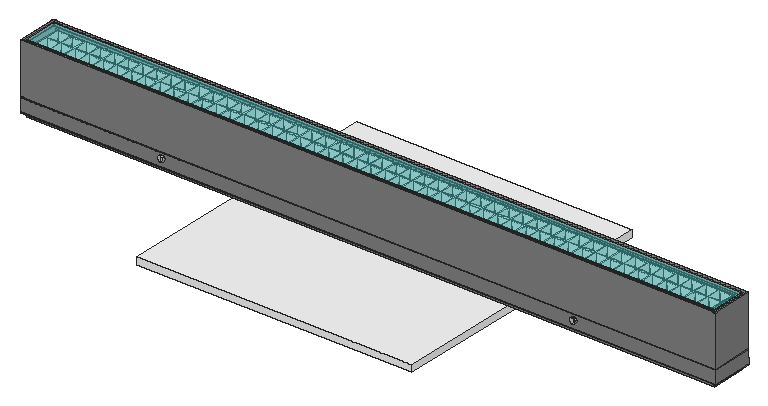
Revit family "BE_24310_de_DE", category Leuchten, Revit 2015
Parameters (values of type "BEGA_24310_Grafit_K4")
  built-in parameter 1150104 = 16.606 (stored number, unit not read)
  Wattage = 32 W
  Default Elevation = 0 mm
  built-in parameter 1150113 = 1 (stored number, unit not read)
  built-in parameter 1114218 = 1 (stored number, unit not read)
  Umgebungstemperatur = "25 °C"
  URL = "http://www.bega.de/produkt/24310"
  Typenkommentare = "© 2017 BEGA. Wir behalten uns das Recht vor, technische Änderungen ohne vorherige Ankündigung vorzunehmen."  # constant formula
  Type Image = 24310.png
  built-in parameter 1150134 = 12
  built-in parameter 1150109 = 1 (stored number, unit not read)
  Strom = ""
  built-in parameter 1150110 = 1 (stored number, unit not read)
  Spannung = 239.996 V
  Sonderanfertigung = no
  Seriennummer [instance] = "Hier können Sie die eindeutige Seriennummer für das Facility Management eintragen."
  Schutzklasse = "I"
  Schutzart = "IP 65"
  Scheinlast = 0 VA
  Produktdatenblatt = "http://www.bega.de/download/Xrfa/db/24310.db.de.pdf"
  Oberflächentemperatur = ""
  Neigungswinkel = 0.00°
  Modell = "24310K4"
  Material_17 = BEGA_Reflektor
  Material_15 = BEGA_Leuchtmedium_matt
  Material_11 = BEGA_Glas_opal
  Material_09 = BEGA_Glas_klar
  Material_06 = BEGA_Oberfläche_Edelstahl_gebürstet
  Material_05 = BEGA_Oberfläche_Aluminium Guss
  Material_03 = BEGA_Oberfläche_Weiss_matt
  Material_02 = BEGA_Oberfläche_Silber_matt
  Material_01 [instance] = BEGA_Oberfläche_Grafit_matt
  M_W = no
  M_G = yes
  M_A = no
  Logo = 0
  built-in parameter 1114217 = 1 (stored number, unit not read)
  built-in parameter 1150139 = (empty or 0)
  built-in parameter 1150105 = 455.18 (stored number, unit not read)
  built-in parameter 1150114 = 1 (stored number, unit not read)
  Lumens = 5720 lm
  built-in parameter 1150115 = 1 (stored number, unit not read)
  Leuchtenlichtstrom = "3267 lm"
  Leuchtenanzahl = ""
  Lebensdauerkriterien = "L70B50 @ 25 °C = 500000 h"
  Lastklassifizierung = Beleuchtung
  built-in parameter 1150112 = 1 (stored number, unit not read)
  Lampenlichtstrom = "5720 lm"
  Lampe = "LED 32 W"
  LED_Modulbezeichnung = "LED-0772/840"
  built-in parameter 1150142 = (empty or 0)
  Hersteller = "BEGA"  # constant formula
  Halbstreuwinkel = ""
  Gewicht = ""
  Gebrauchslageneinschränkung [instance] = ""
  Frequenz = "0/50-60 Hz"
  Farbwiedergabeindex = "Ra > 80"
  Farbtemperaturverschiebung bei Dämpfen der Lampe = <Keine Auswahl>
  Farbtemperatur = "4000 K"
  Color Filter = 16777215
  built-in parameter 1150133 = 10 (stored number, unit not read)
  Energieeffizienzklasse = "LED A++ - A"
  built-in parameter 1150137 = (empty or 0)
  built-in parameter 1150132 = (empty or 0)
  ENEC = ""
  Dimmbar [instance] = "DALI"
  Datei für fotometrisches Netz = "BE_24310K4.IES"
  CE_Konformität = "ja"
  Bestellnummer = "24310K4"
  Beschreibung_Sonderanfertigung = "Hier können Sie Informationen zur Sonderanfertigung eintragen."
  Beschreibung = "Deckenaufbau-Tiefstrahler"
  built-in parameter 1150106 = 4.5518 (stored number, unit not read)
  Befestigungsbohrung = "Ø 7 mm"
  Befestigungsabstand = "800 mm"
  Ballwurfsicher = ""
  BEGA_Intern_aus = yes
  BEGA_Intern_an = yes
  BEGA_Intern_Konstruktion = yes
  BEGA_Intern = yes
  BEGA_IES = yes
  BEGA_Dummy = no
  Anschlussleitung = ""
  Anschlussleistung [instance] = "36 W"
  Anschlusskasten = ""
  built-in parameter 1150107 = 4000 (stored number, unit not read)
  built-in parameter 1150102 = (empty or 0)
  built-in parameter 1150138 = (empty or 0)
  Aktualisierung = "2017-06-23T04:08:42"
  Abstand_zur_angestrahlten_Fläche [instance] = ""
  AC/DC = "AC/DC"
Types (2, lengths in mm): name | built-in parameter 1150104 | built-in parameter 1150134 | Modell | built-in parameter 1150105 | Lumens | Leuchtenlichtstrom | Lampenlichtstrom | LED_Modulbezeichnung | Farbtemperatur | Datei für fotometrisches Netz | Bestellnummer | built-in parameter 1150106 | built-in parameter 1150107
  BEGA_24310_Grafit_K4 | 16.606 (stored number, unit not read) | 12 | "24310K4" | 455.18 (stored number, unit not read) | 5720 lm | "3267 lm" | "5720 lm" | "LED-0772/840" | "4000 K" | "BE_24310K4.IES" | "24310K4" | 4.5518 (stored number, unit not read) | 4000 (stored number, unit not read)
  BEGA_24310_Grafit_K3 | 16.258 (stored number, unit not read) | (empty or 0) | "24310" | 445.63 (stored number, unit not read) | 5600 lm | "3198 lm" | "5600 lm" | "LED-0772/830" | "3000 K" | "BE_24310.IES" | "24310" | 4.4563 (stored number, unit not read) | 3000 (stored number, unit not read)
Reference planes
  plane 1 "Mitte (Vorne/Hinten)": y = 0
  plane 2: z = 0
  plane 3 "Mitte (Links/Rechts)": x = 0
  plane 4 "Links": x = -506
  plane 5 "Rechts": x = 506
  plane 6 "Unten": y = -30
  plane 7 "Oben": y = 30
  plane 8 "Vorne": z = 101
  plane 9 "Hinten": z = 0
Forms (mm)
  Extrusion 1, solid, material "BEGA_Platte_Weiss"
    sketch origin (0, -1119.2, 0) x (1, 0, 0) y (0, 1, 0)
      loop
        line (-200, 1319.2) -> (-200, 919.2) -> (200, 919.2) -> (200, 1319.2) -> (-200, 1319.2)
    from 0 to -10
  Extrusion 2, solid, material "BEGA_Dummy_matt", visible <- "BEGA_Dummy"
    sketch origin (80.095, -76.023, 0) x (1, 0, 0) y (0, 1, 0)
      loop
        line (-586.095, 106.023) -> (-586.095, 46.023) -> (425.905, 46.023) -> (425.905, 106.023) -> (-586.095, 106.023)
    from 0 to 25.379
Dimensions and locks
  plane 1 "Mitte (Vorne/Hinten)" to Extrusion 1 = 200 mm
  aligned and locked: plane 2 to Extrusion 1
  aligned and locked: level to Extrusion 1
Nested families
  nested 1: "BE_24310" at (0, 0, 0) x (-1, 0, 0) z (0, 0, 1), type "BE_24310"
Connectors
  electrical at (0, 0, 0), driven by "Lastklassifizierung", driven by "Spannung", driven by "Scheinlast"
    settings: index 1, voltage 239.996 V, apparent load 0 VA, apparent load phase1 0 VA, apparent load phase2 0 VA, apparent load phase3 0 VA, power factor 1, load classification "Beleuchtung", number of poles 1, system type 31, power factor state 1, is connector primary yes, connector utility no, sub classification motor no, connector description ""
Definition of nested family "BE_24310"
  Parameters (values of type "BE_24310")
    Default Elevation = 1 mm
    URL = "http://www.bega.de/de/produkt"
    Type Comments = "© 2015 BEGA. Wir behalten uns das Recht vor, technische Änderungen ohne vorherige Ankündigung vorzunehmen. "  # constant formula
    Type Image = (empty or 0)
    Neigungswinkel_um_Z2 = 0.00°
    Neigungswinkel_um_Z1 = 0.00°
    Neigungswinkel_um_Y2 = 0.00°
    Neigungswinkel_um_Y1 = 0.00°
    Neigungswinkel_um_X2 = 0.00°
    Neigungswinkel_um_X1 = 0.00°
    Material_17 = none
    Material_15 = none
    Material_11 = none
    Material_09 = none
    Material_06 = none
    Material_05 = none
    Material_03 = none
    Material_02 = none
    Material_01 = none
    M_W = yes
    M_G = yes
    M_A = yes
    Länge_Platte = 1200 mm  # constant formula
    Höhe_Platte = -10 mm  # constant formula
    Manufacturer = "BEGA"  # constant formula
    Drehwinkel_um_Z2 = 0.00°
    Drehwinkel_um_Z1 = 0.00°
    Breite_Platte = 200 mm  # constant formula
  Reference planes
    plane 1 "Mitte (Oben/Unten)": y = 0
    plane 2: z = 0
    plane 3 "Mitte (Links/Rechts)": x = 0
    plane 4: z = 101
    plane 5: y = 30
    plane 6: y = -30
    plane 7: x = -506
    plane 8: x = 506
  Forms (mm)
    Extrusion 1, solid, detail levels medium
      sketch origin (0, 0, 0) x (1, 0, 0) y (0, 1, 0)
        loop
          line (-600, 100) -> (-600, -100) -> (600, -100) -> (600, 100) -> (-600, 100)
      from 0 to -10 <- "Höhe_Platte"
    Extrusion 2, solid, material <- "Material_17", detail levels medium+fine
      sketch origin (0, 0, 0) x (1, 0, 0) y (0, 0, 1)
        loop
          line (-245.223, 94.045) -> (-238.903, 68.352) -> (-238.903, 70.445) -> (-245.2, 96.045) -> (-246.8, 96.045) -> (-253.097, 70.445) -> (-253.097, 68.352) -> (-246.777, 94.045) -> (-245.223, 94.045)
        loop
          line (-232.297, 68.352) -> (-225.977, 94.045) -> (-225.023, 94.045) -> (-218.703, 68.352) -> (-218.703, 70.445) -> (-225, 96.045) -> (-226, 96.045) -> (-232.297, 70.445) -> (-232.297, 68.352)
        loop
          line (-205.8, 96.045) -> (-212.097, 70.445) -> (-212.097, 68.352) -> (-205.777, 94.045) -> (-204.223, 94.045) -> (-197.903, 68.352) -> (-197.903, 70.445) -> (-204.2, 96.045) -> (-205.8, 96.045)
        loop
          line (-185, 96.045) -> (-191.297, 70.445) -> (-191.297, 68.352) -> (-184.977, 94.045) -> (-184.023, 94.045) -> (-177.703, 68.352) -> (-177.703, 70.445) -> (-184, 96.045) -> (-185, 96.045)
        loop
          line (-163.2, 96.045) -> (-164.8, 96.045) -> (-171.097, 70.445) -> (-171.097, 68.352) -> (-164.777, 94.045) -> (-163.223, 94.045) -> (-156.903, 68.352) -> (-156.903, 70.445) -> (-163.2, 96.045)
        loop
          line (-144, 96.045) -> (-150.297, 70.445) -> (-150.297, 68.352) -> (-143.977, 94.045) -> (-143.023, 94.045) -> (-136.703, 68.352) -> (-136.703, 70.445) -> (-143, 96.045) -> (-144, 96.045)
        loop
          line (-123.777, 94.045) -> (-122.223, 94.045) -> (-115.903, 68.352) -> (-115.903, 70.445) -> (-122.2, 96.045) -> (-123.8, 96.045) -> (-130.097, 70.445) -> (-130.097, 68.352) -> (-123.777, 94.045)
        loop
          line (-102, 96.045) -> (-103, 96.045) -> (-109.297, 70.445) -> (-109.297, 68.352) -> (-102.977, 94.045) -> (-102.023, 94.045) -> (-95.703, 68.352) -> (-95.703, 70.445) -> (-102, 96.045)
        loop
          line (-89.097, 68.352) -> (-82.777, 94.045) -> (-81.223, 94.045) -> (-74.903, 68.352) -> (-74.903, 70.445) -> (-81.2, 96.045) -> (-82.8, 96.045) -> (-89.097, 70.445) -> (-89.097, 68.352)
        loop
          line (-68.297, 68.352) -> (-61.977, 94.045) -> (-61.023, 94.045) -> (-54.703, 68.352) -> (-54.703, 70.445) -> (-61, 96.045) -> (-62, 96.045) -> (-68.297, 70.445) -> (-68.297, 68.352)
        loop
          line (-41.8, 96.045) -> (-48.097, 70.445) -> (-48.097, 68.352) -> (-41.777, 94.045) -> (-40.223, 94.045) -> (-33.903, 68.352) -> (-33.903, 70.445) -> (-40.2, 96.045) -> (-41.8, 96.045)
        loop
          line (-20.977, 94.045) -> (-20.023, 94.045) -> (-13.703, 68.352) -> (-13.703, 70.445) -> (-20, 96.045) -> (-21, 96.045) -> (-27.297, 70.445) -> (-27.297, 68.352) -> (-20.977, 94.045)
        loop
          line (0.8, 96.045) -> (-0.8, 96.045) -> (-7.097, 70.445) -> (-7.097, 68.352) -> (-0.777, 94.045) -> (0.777, 94.045) -> (7.097, 68.352) -> (7.097, 70.445) -> (0.8, 96.045)
        loop
          line (-492.5, 95.215) -> (-491.511, 95.215) -> (-484.903, 68.352) -> (-484.903, 70.445) -> (-491.2, 96.045) -> (-492.5, 96.045) -> (-492.5, 95.215)
        loop
          line (-286.223, 94.045) -> (-279.903, 68.352) -> (-279.903, 70.445) -> (-286.2, 96.045) -> (-287.8, 96.045) -> (-294.097, 70.445) -> (-294.097, 68.352) -> (-287.777, 94.045) -> (-286.223, 94.045)
        loop
          line (-273.297, 68.352) -> (-266.977, 94.045) -> (-266.023, 94.045) -> (-259.703, 68.352) -> (-259.703, 70.445) -> (-266, 96.045) -> (-267, 96.045) -> (-273.297, 70.445) -> (-273.297, 68.352)
        loop
          line (-327.223, 94.045) -> (-320.903, 68.352) -> (-320.903, 70.445) -> (-327.2, 96.045) -> (-328.8, 96.045) -> (-335.097, 70.445) -> (-335.097, 68.352) -> (-328.777, 94.045) -> (-327.223, 94.045)
        loop
          line (-314.297, 68.352) -> (-307.977, 94.045) -> (-307.023, 94.045) -> (-300.703, 68.352) -> (-300.703, 70.445) -> (-307, 96.045) -> (-308, 96.045) -> (-314.297, 70.445) -> (-314.297, 68.352)
        loop
          line (-368.223, 94.045) -> (-361.903, 68.352) -> (-361.903, 70.445) -> (-368.2, 96.045) -> (-369.8, 96.045) -> (-376.097, 70.445) -> (-376.097, 68.352) -> (-369.777, 94.045) -> (-368.223, 94.045)
        loop
          line (-355.297, 68.352) -> (-348.977, 94.045) -> (-348.023, 94.045) -> (-341.703, 68.352) -> (-341.703, 70.445) -> (-348, 96.045) -> (-349, 96.045) -> (-355.297, 70.445) -> (-355.297, 68.352)
        loop
          line (-409.223, 94.045) -> (-402.903, 68.352) -> (-402.903, 70.445) -> (-409.2, 96.045) -> (-410.8, 96.045) -> (-417.097, 70.445) -> (-417.097, 68.352) -> (-410.777, 94.045) -> (-409.223, 94.045)
        loop
          line (-396.297, 68.352) -> (-389.977, 94.045) -> (-389.023, 94.045) -> (-382.703, 68.352) -> (-382.703, 70.445) -> (-389, 96.045) -> (-390, 96.045) -> (-396.297, 70.445) -> (-396.297, 68.352)
        loop
          line (-450.223, 94.045) -> (-443.903, 68.352) -> (-443.903, 70.445) -> (-450.2, 96.045) -> (-451.8, 96.045) -> (-458.097, 70.445) -> (-458.097, 68.352) -> (-451.777, 94.045) -> (-450.223, 94.045)
        loop
          line (-437.297, 68.352) -> (-430.977, 94.045) -> (-430.023, 94.045) -> (-423.703, 68.352) -> (-423.703, 70.445) -> (-430, 96.045) -> (-431, 96.045) -> (-437.297, 70.445) -> (-437.297, 68.352)
        loop
          line (-478.297, 68.352) -> (-471.977, 94.045) -> (-471.023, 94.045) -> (-464.703, 68.352) -> (-464.703, 70.445) -> (-471, 96.045) -> (-472, 96.045) -> (-478.297, 70.445) -> (-478.297, 68.352)
        loop
          line (245.223, 94.045) -> (246.777, 94.045) -> (253.097, 68.352) -> (253.097, 70.445) -> (246.8, 96.045) -> (245.2, 96.045) -> (238.903, 70.445) -> (238.903, 68.352) -> (245.223, 94.045)
        loop
          line (232.297, 68.352) -> (232.297, 70.445) -> (226, 96.045) -> (225, 96.045) -> (218.703, 70.445) -> (218.703, 68.352) -> (225.023, 94.045) -> (225.977, 94.045) -> (232.297, 68.352)
        loop
          line (205.8, 96.045) -> (204.2, 96.045) -> (197.903, 70.445) -> (197.903, 68.352) -> (204.223, 94.045) -> (205.777, 94.045) -> (212.097, 68.352) -> (212.097, 70.445) -> (205.8, 96.045)
        loop
          line (185, 96.045) -> (184, 96.045) -> (177.703, 70.445) -> (177.703, 68.352) -> (184.023, 94.045) -> (184.977, 94.045) -> (191.297, 68.352) -> (191.297, 70.445) -> (185, 96.045)
        loop
          line (163.2, 96.045) -> (156.903, 70.445) -> (156.903, 68.352) -> (163.223, 94.045) -> (164.777, 94.045) -> (171.097, 68.352) -> (171.097, 70.445) -> (164.8, 96.045) -> (163.2, 96.045)
        loop
          line (144, 96.045) -> (143, 96.045) -> (136.703, 70.445) -> (136.703, 68.352) -> (143.023, 94.045) -> (143.977, 94.045) -> (150.297, 68.352) -> (150.297, 70.445) -> (144, 96.045)
        loop
          line (123.777, 94.045) -> (130.097, 68.352) -> (130.097, 70.445) -> (123.8, 96.045) -> (122.2, 96.045) -> (115.903, 70.445) -> (115.903, 68.352) -> (122.223, 94.045) -> (123.777, 94.045)
        loop
          line (102, 96.045) -> (95.703, 70.445) -> (95.703, 68.352) -> (102.023, 94.045) -> (102.977, 94.045) -> (109.297, 68.352) -> (109.297, 70.445) -> (103, 96.045) -> (102, 96.045)
        loop
          line (89.097, 68.352) -> (89.097, 70.445) -> (82.8, 96.045) -> (81.2, 96.045) -> (74.903, 70.445) -> (74.903, 68.352) -> (81.223, 94.045) -> (82.777, 94.045) -> (89.097, 68.352)
        loop
          line (68.297, 68.352) -> (68.297, 70.445) -> (62, 96.045) -> (61, 96.045) -> (54.703, 70.445) -> (54.703, 68.352) -> (61.023, 94.045) -> (61.977, 94.045) -> (68.297, 68.352)
        loop
          line (41.8, 96.045) -> (40.2, 96.045) -> (33.903, 70.445) -> (33.903, 68.352) -> (40.223, 94.045) -> (41.777, 94.045) -> (48.097, 68.352) -> (48.097, 70.445) -> (41.8, 96.045)
        loop
          line (20.977, 94.045) -> (27.297, 68.352) -> (27.297, 70.445) -> (21, 96.045) -> (20, 96.045) -> (13.703, 70.445) -> (13.703, 68.352) -> (20.023, 94.045) -> (20.977, 94.045)
        loop
          line (492.5, 95.215) -> (492.5, 96.045) -> (491.2, 96.045) -> (484.903, 70.445) -> (484.903, 68.352) -> (491.511, 95.215) -> (492.5, 95.215)
        loop
          line (286.223, 94.045) -> (287.777, 94.045) -> (294.097, 68.352) -> (294.097, 70.445) -> (287.8, 96.045) -> (286.2, 96.045) -> (279.903, 70.445) -> (279.903, 68.352) -> (286.223, 94.045)
        loop
          line (273.297, 68.352) -> (273.297, 70.445) -> (267, 96.045) -> (266, 96.045) -> (259.703, 70.445) -> (259.703, 68.352) -> (266.023, 94.045) -> (266.977, 94.045) -> (273.297, 68.352)
        loop
          line (327.223, 94.045) -> (328.777, 94.045) -> (335.097, 68.352) -> (335.097, 70.445) -> (328.8, 96.045) -> (327.2, 96.045) -> (320.903, 70.445) -> (320.903, 68.352) -> (327.223, 94.045)
        loop
          line (314.297, 68.352) -> (314.297, 70.445) -> (308, 96.045) -> (307, 96.045) -> (300.703, 70.445) -> (300.703, 68.352) -> (307.023, 94.045) -> (307.977, 94.045) -> (314.297, 68.352)
        loop
          line (368.223, 94.045) -> (369.777, 94.045) -> (376.097, 68.352) -> (376.097, 70.445) -> (369.8, 96.045) -> (368.2, 96.045) -> (361.903, 70.445) -> (361.903, 68.352) -> (368.223, 94.045)
        loop
          line (355.297, 68.352) -> (355.297, 70.445) -> (349, 96.045) -> (348, 96.045) -> (341.703, 70.445) -> (341.703, 68.352) -> (348.023, 94.045) -> (348.977, 94.045) -> (355.297, 68.352)
        loop
          line (409.223, 94.045) -> (410.777, 94.045) -> (417.097, 68.352) -> (417.097, 70.445) -> (410.8, 96.045) -> (409.2, 96.045) -> (402.903, 70.445) -> (402.903, 68.352) -> (409.223, 94.045)
        loop
          line (396.297, 68.352) -> (396.297, 70.445) -> (390, 96.045) -> (389, 96.045) -> (382.703, 70.445) -> (382.703, 68.352) -> (389.023, 94.045) -> (389.977, 94.045) -> (396.297, 68.352)
        loop
          line (450.223, 94.045) -> (451.777, 94.045) -> (458.097, 68.352) -> (458.097, 70.445) -> (451.8, 96.045) -> (450.2, 96.045) -> (443.903, 70.445) -> (443.903, 68.352) -> (450.223, 94.045)
        loop
          line (437.297, 68.352) -> (437.297, 70.445) -> (431, 96.045) -> (430, 96.045) -> (423.703, 70.445) -> (423.703, 68.352) -> (430.023, 94.045) -> (430.977, 94.045) -> (437.297, 68.352)
        loop
          line (478.297, 68.352) -> (478.297, 70.445) -> (472, 96.045) -> (471, 96.045) -> (464.703, 70.445) -> (464.703, 68.352) -> (471.023, 94.045) -> (471.977, 94.045) -> (478.297, 68.352)
      from -21 to 21
    Extrusion 3, solid, material <- "Material_17", detail levels medium+fine
      sketch origin (0, 0, 0) x (0, 1, 0) y (0, 0, 1)
        loop
          line (20.011, 95.215) -> (21.642, 95.215) -> (21.642, 96.045) -> (19.7, 96.045) -> (13.403, 70.445) -> (13.403, 68.352) -> (20.011, 95.215)
        loop
          line (6.797, 68.352) -> (6.797, 70.445) -> (0.5, 96.045) -> (-0.5, 96.045) -> (-6.797, 70.445) -> (-6.797, 68.352) -> (-0.477, 94.045) -> (0.477, 94.045) -> (6.797, 68.352)
        loop
          line (-19.7, 96.045) -> (-21.486, 96.045) -> (-21.486, 95.215) -> (-20.011, 95.215) -> (-13.403, 68.352) -> (-13.403, 70.445) -> (-19.7, 96.045)
      from -492.5 to 495.315
    Sweep 4, solid, material <- "Material_01", detail levels medium+fine
      path origin (0, 0, 0) x (1, 0, 0) y (0, 1, 0)
        loop
          line (-506, 30) -> (-506, -30) -> (506, -30) -> (506, 30) -> (-506, 30)
      profile origin (0, 30, 0) x (0, 1, 0) y (0, 0, 1)
        loop
          line (-0.5, 101) -> (-3.044, 101) -> (-4.682, 96.5) -> (-8, 96.5) -> (-8, 94) -> (-2.8, 94) -> (-2.8, 26) -> (-0.5, 26)
          arc (-0.5, 26) -> (-0.146, 26.146) -> (0, 26.5) r 0.5
          line (0, 26.5) -> (0, 100.5)
          arc (0, 100.5) -> (-0.146, 100.854) -> (-0.5, 101) r 0.5
    Extrusion 5, solid, material <- "Material_01", detail levels medium+fine
      sketch origin (0, 0, 0) x (1, 0, 0) y (0, 0, 1)
        loop
          line (492.5, 94) -> (498.403, 94) -> (498.403, 96.5) -> (492.5, 96.5) -> (492.5, 94)
        loop
          line (-492.5, 94) -> (-492.5, 96.5) -> (-498.403, 96.5) -> (-498.403, 94) -> (-492.5, 94)
      from -22.05 to 22.05
    Extrusion 6, solid, material <- "Material_09", detail levels medium+fine
      sketch origin (0, 0, 0) x (0, 1, 0) y (0, 0, 1)
        loop
          line (25, 96.7) -> (25, 100.7) -> (-25, 100.7) -> (-25, 96.7) -> (25, 96.7)
      from -501 to 501
    Extrusion 7, solid, material <- "Material_15", detail levels medium+fine
      sketch origin (0, 0, 0) x (1, 0, 0) y (0, 1, 0)
        loop
          line (-237, 11.5) -> (-237, 8.5) -> (-234, 8.5) -> (-234, 11.5) -> (-237, 11.5)
        loop
          line (-217, 11.5) -> (-217, 8.5) -> (-214, 8.5) -> (-214, 11.5) -> (-217, 11.5)
        loop
          line (-196, 11.5) -> (-196, 8.5) -> (-193, 8.5) -> (-193, 11.5) -> (-196, 11.5)
        loop
          line (-176, 11.5) -> (-176, 8.5) -> (-173, 8.5) -> (-173, 11.5) -> (-176, 11.5)
        loop
          line (-155, 11.5) -> (-155, 8.5) -> (-152, 8.5) -> (-152, 11.5) -> (-155, 11.5)
        loop
          line (-135, 11.5) -> (-135, 8.5) -> (-132, 8.5) -> (-132, 11.5) -> (-135, 11.5)
        loop
          line (-114, 11.5) -> (-114, 8.5) -> (-111, 8.5) -> (-111, 11.5) -> (-114, 11.5)
        loop
          line (-94, 11.5) -> (-94, 8.5) -> (-91, 8.5) -> (-91, 11.5) -> (-94, 11.5)
        loop
          line (-73, 11.5) -> (-73, 8.5) -> (-70, 8.5) -> (-70, 11.5) -> (-73, 11.5)
        loop
          line (-53, 11.5) -> (-53, 8.5) -> (-50, 8.5) -> (-50, 11.5) -> (-53, 11.5)
        loop
          line (-32, 11.5) -> (-32, 8.5) -> (-29, 8.5) -> (-29, 11.5) -> (-32, 11.5)
        loop
          line (-12, 11.5) -> (-12, 8.5) -> (-9, 8.5) -> (-9, 11.5) -> (-12, 11.5)
        loop
          line (-237, -11.5) -> (-234, -11.5) -> (-234, -8.5) -> (-237, -8.5) -> (-237, -11.5)
        loop
          line (-217, -11.5) -> (-214, -11.5) -> (-214, -8.5) -> (-217, -8.5) -> (-217, -11.5)
        loop
          line (-196, -11.5) -> (-193, -11.5) -> (-193, -8.5) -> (-196, -8.5) -> (-196, -11.5)
        loop
          line (-176, -11.5) -> (-173, -11.5) -> (-173, -8.5) -> (-176, -8.5) -> (-176, -11.5)
        loop
          line (-155, -11.5) -> (-152, -11.5) -> (-152, -8.5) -> (-155, -8.5) -> (-155, -11.5)
        loop
          line (-135, -11.5) -> (-132, -11.5) -> (-132, -8.5) -> (-135, -8.5) -> (-135, -11.5)
        loop
          line (-114, -11.5) -> (-111, -11.5) -> (-111, -8.5) -> (-114, -8.5) -> (-114, -11.5)
        loop
          line (-94, -11.5) -> (-91, -11.5) -> (-91, -8.5) -> (-94, -8.5) -> (-94, -11.5)
        loop
          line (-73, -11.5) -> (-70, -11.5) -> (-70, -8.5) -> (-73, -8.5) -> (-73, -11.5)
        loop
          line (-53, -11.5) -> (-50, -11.5) -> (-50, -8.5) -> (-53, -8.5) -> (-53, -11.5)
        loop
          line (-32, -11.5) -> (-29, -11.5) -> (-29, -8.5) -> (-32, -8.5) -> (-32, -11.5)
        loop
          line (-12, -11.5) -> (-9, -11.5) -> (-9, -8.5) -> (-12, -8.5) -> (-12, -11.5)
        loop
          line (237, 11.5) -> (234, 11.5) -> (234, 8.5) -> (237, 8.5) -> (237, 11.5)
        loop
          line (217, 11.5) -> (214, 11.5) -> (214, 8.5) -> (217, 8.5) -> (217, 11.5)
        loop
          line (196, 11.5) -> (193, 11.5) -> (193, 8.5) -> (196, 8.5) -> (196, 11.5)
        loop
          line (176, 11.5) -> (173, 11.5) -> (173, 8.5) -> (176, 8.5) -> (176, 11.5)
        loop
          line (155, 11.5) -> (152, 11.5) -> (152, 8.5) -> (155, 8.5) -> (155, 11.5)
        loop
          line (135, 11.5) -> (132, 11.5) -> (132, 8.5) -> (135, 8.5) -> (135, 11.5)
        loop
          line (114, 11.5) -> (111, 11.5) -> (111, 8.5) -> (114, 8.5) -> (114, 11.5)
        loop
          line (94, 11.5) -> (91, 11.5) -> (91, 8.5) -> (94, 8.5) -> (94, 11.5)
        loop
          line (73, 11.5) -> (70, 11.5) -> (70, 8.5) -> (73, 8.5) -> (73, 11.5)
        loop
          line (53, 11.5) -> (50, 11.5) -> (50, 8.5) -> (53, 8.5) -> (53, 11.5)
        loop
          line (32, 11.5) -> (29, 11.5) -> (29, 8.5) -> (32, 8.5) -> (32, 11.5)
        loop
          line (12, 11.5) -> (9, 11.5) -> (9, 8.5) -> (12, 8.5) -> (12, 11.5)
        loop
          line (237, -11.5) -> (237, -8.5) -> (234, -8.5) -> (234, -11.5) -> (237, -11.5)
        loop
          line (217, -11.5) -> (217, -8.5) -> (214, -8.5) -> (214, -11.5) -> (217, -11.5)
        loop
          line (196, -11.5) -> (196, -8.5) -> (193, -8.5) -> (193, -11.5) -> (196, -11.5)
        loop
          line (176, -11.5) -> (176, -8.5) -> (173, -8.5) -> (173, -11.5) -> (176, -11.5)
        loop
          line (155, -11.5) -> (155, -8.5) -> (152, -8.5) -> (152, -11.5) -> (155, -11.5)
        loop
          line (135, -11.5) -> (135, -8.5) -> (132, -8.5) -> (132, -11.5) -> (135, -11.5)
        loop
          line (114, -11.5) -> (114, -8.5) -> (111, -8.5) -> (111, -11.5) -> (114, -11.5)
        loop
          line (94, -11.5) -> (94, -8.5) -> (91, -8.5) -> (91, -11.5) -> (94, -11.5)
        loop
          line (73, -11.5) -> (73, -8.5) -> (70, -8.5) -> (70, -11.5) -> (73, -11.5)
        loop
          line (53, -11.5) -> (53, -8.5) -> (50, -8.5) -> (50, -11.5) -> (53, -11.5)
        loop
          line (32, -11.5) -> (32, -8.5) -> (29, -8.5) -> (29, -11.5) -> (32, -11.5)
        loop
          line (12, -11.5) -> (12, -8.5) -> (9, -8.5) -> (9, -11.5) -> (12, -11.5)
        loop
          line (-482.985, 11.5) -> (-482.985, 8.5) -> (-479.985, 8.5) -> (-479.985, 11.5) -> (-482.985, 11.5)
        loop
          line (-462.985, 11.5) -> (-462.985, 8.5) -> (-459.985, 8.5) -> (-459.985, 11.5) -> (-462.985, 11.5)
        loop
          line (-441.985, 11.5) -> (-441.985, 8.5) -> (-438.985, 8.5) -> (-438.985, 11.5) -> (-441.985, 11.5)
        loop
          line (-421.985, 11.5) -> (-421.985, 8.5) -> (-418.985, 8.5) -> (-418.985, 11.5) -> (-421.985, 11.5)
        loop
          line (-400.985, 11.5) -> (-400.985, 8.5) -> (-397.985, 8.5) -> (-397.985, 11.5) -> (-400.985, 11.5)
        loop
          line (-380.985, 11.5) -> (-380.985, 8.5) -> (-377.985, 8.5) -> (-377.985, 11.5) -> (-380.985, 11.5)
        loop
          line (-359.985, 11.5) -> (-359.985, 8.5) -> (-356.985, 8.5) -> (-356.985, 11.5) -> (-359.985, 11.5)
        loop
          line (-339.985, 11.5) -> (-339.985, 8.5) -> (-336.985, 8.5) -> (-336.985, 11.5) -> (-339.985, 11.5)
        loop
          line (-318.985, 11.5) -> (-318.985, 8.5) -> (-315.985, 8.5) -> (-315.985, 11.5) -> (-318.985, 11.5)
        loop
          line (-298.985, 11.5) -> (-298.985, 8.5) -> (-295.985, 8.5) -> (-295.985, 11.5) -> (-298.985, 11.5)
        loop
          line (-277.985, 11.5) -> (-277.985, 8.5) -> (-274.985, 8.5) -> (-274.985, 11.5) -> (-277.985, 11.5)
        loop
          line (-257.985, 11.5) -> (-257.985, 8.5) -> (-254.985, 8.5) -> (-254.985, 11.5) -> (-257.985, 11.5)
        loop
          line (-482.985, -11.5) -> (-479.985, -11.5) -> (-479.985, -8.5) -> (-482.985, -8.5) -> (-482.985, -11.5)
        loop
          line (-462.985, -11.5) -> (-459.985, -11.5) -> (-459.985, -8.5) -> (-462.985, -8.5) -> (-462.985, -11.5)
        loop
          line (-441.985, -11.5) -> (-438.985, -11.5) -> (-438.985, -8.5) -> (-441.985, -8.5) -> (-441.985, -11.5)
        loop
          line (-421.985, -11.5) -> (-418.985, -11.5) -> (-418.985, -8.5) -> (-421.985, -8.5) -> (-421.985, -11.5)
        loop
          line (-400.985, -11.5) -> (-397.985, -11.5) -> (-397.985, -8.5) -> (-400.985, -8.5) -> (-400.985, -11.5)
        loop
          line (-380.985, -11.5) -> (-377.985, -11.5) -> (-377.985, -8.5) -> (-380.985, -8.5) -> (-380.985, -11.5)
        loop
          line (-359.985, -11.5) -> (-356.985, -11.5) -> (-356.985, -8.5) -> (-359.985, -8.5) -> (-359.985, -11.5)
        loop
          line (-339.985, -11.5) -> (-336.985, -11.5) -> (-336.985, -8.5) -> (-339.985, -8.5) -> (-339.985, -11.5)
        loop
          line (-318.985, -11.5) -> (-315.985, -11.5) -> (-315.985, -8.5) -> (-318.985, -8.5) -> (-318.985, -11.5)
        loop
          line (-298.985, -11.5) -> (-295.985, -11.5) -> (-295.985, -8.5) -> (-298.985, -8.5) -> (-298.985, -11.5)
        loop
          line (-277.985, -11.5) -> (-274.985, -11.5) -> (-274.985, -8.5) -> (-277.985, -8.5) -> (-277.985, -11.5)
        loop
          line (-257.985, -11.5) -> (-254.985, -11.5) -> (-254.985, -8.5) -> (-257.985, -8.5) -> (-257.985, -11.5)
        loop
          line (483, 11.5) -> (480, 11.5) -> (480, 8.5) -> (483, 8.5) -> (483, 11.5)
        loop
          line (463, 11.5) -> (460, 11.5) -> (460, 8.5) -> (463, 8.5) -> (463, 11.5)
        loop
          line (442, 11.5) -> (439, 11.5) -> (439, 8.5) -> (442, 8.5) -> (442, 11.5)
        loop
          line (422, 11.5) -> (419, 11.5) -> (419, 8.5) -> (422, 8.5) -> (422, 11.5)
        loop
          line (401, 11.5) -> (398, 11.5) -> (398, 8.5) -> (401, 8.5) -> (401, 11.5)
        loop
          line (381, 11.5) -> (378, 11.5) -> (378, 8.5) -> (381, 8.5) -> (381, 11.5)
        loop
          line (360, 11.5) -> (357, 11.5) -> (357, 8.5) -> (360, 8.5) -> (360, 11.5)
        loop
          line (340, 11.5) -> (337, 11.5) -> (337, 8.5) -> (340, 8.5) -> (340, 11.5)
        loop
          line (319, 11.5) -> (316, 11.5) -> (316, 8.5) -> (319, 8.5) -> (319, 11.5)
        loop
          line (299, 11.5) -> (296, 11.5) -> (296, 8.5) -> (299, 8.5) -> (299, 11.5)
        loop
          line (278, 11.5) -> (275, 11.5) -> (275, 8.5) -> (278, 8.5) -> (278, 11.5)
        loop
          line (258, 11.5) -> (255, 11.5) -> (255, 8.5) -> (258, 8.5) -> (258, 11.5)
        loop
          line (483, -11.5) -> (483, -8.5) -> (480, -8.5) -> (480, -11.5) -> (483, -11.5)
        loop
          line (463, -11.5) -> (463, -8.5) -> (460, -8.5) -> (460, -11.5) -> (463, -11.5)
        loop
          line (442, -11.5) -> (442, -8.5) -> (439, -8.5) -> (439, -11.5) -> (442, -11.5)
        loop
          line (422, -11.5) -> (422, -8.5) -> (419, -8.5) -> (419, -11.5) -> (422, -11.5)
        loop
          line (401, -11.5) -> (401, -8.5) -> (398, -8.5) -> (398, -11.5) -> (401, -11.5)
        loop
          line (381, -11.5) -> (381, -8.5) -> (378, -8.5) -> (378, -11.5) -> (381, -11.5)
        loop
          line (360, -11.5) -> (360, -8.5) -> (357, -8.5) -> (357, -11.5) -> (360, -11.5)
        loop
          line (340, -11.5) -> (340, -8.5) -> (337, -8.5) -> (337, -11.5) -> (340, -11.5)
        loop
          line (319, -11.5) -> (319, -8.5) -> (316, -8.5) -> (316, -11.5) -> (319, -11.5)
        loop
          line (299, -11.5) -> (299, -8.5) -> (296, -8.5) -> (296, -11.5) -> (299, -11.5)
        loop
          line (278, -11.5) -> (278, -8.5) -> (275, -8.5) -> (275, -11.5) -> (278, -11.5)
        loop
          line (258, -11.5) -> (258, -8.5) -> (255, -8.5) -> (255, -11.5) -> (258, -11.5)
      from 70 to 69.119
    Sweep 8, solid, material <- "Material_01", detail levels medium+fine
      path origin (0, 0, 0) x (1, 0, 0) y (0, 1, 0)
        loop
          line (506, 30) -> (-506, 30) -> (-506, -30) -> (506, -30) -> (506, 30)
      profile origin (0, 30, 0) x (0, -1, 0) y (0, 0, 1)
        loop
          arc (0, 6.5) -> (0.146, 6.146) -> (0.5, 6) r 0.5
          line (0.5, 6) -> (5, 6) -> (5, 0) -> (25, 0) -> (25, 10) -> (4, 10) -> (4, 26) -> (0, 26) -> (0, 6.5)
    Extrusion 9, solid, material <- "Material_01", detail levels medium+fine
      sketch origin (0, 0, 0) x (0, 1, 0) y (0, 0, 1)
        loop
          line (5, 10) -> (-5, 10) -> (-5, 0) -> (5, 0) -> (5, 10)
      from 488.125 to -482.528
    Extrusion 10, void
      sketch origin (0, 0, 0) x (1, 0, 0) y (0, 1, 0)
        loop
          arc (-75, 20) -> (-95, 0) -> (-75, -20) r 20
          line (-75, -20) -> (75, -20)
          arc (75, -20) -> (95, 0) -> (75, 20) r 20
          line (75, 20) -> (-75, 20)
        loop
          arc (395.195, 3.5) -> (391.695, 0) -> (395.195, -3.5) r 3.5
          line (395.195, -3.5) -> (405.195, -3.5)
          arc (405.195, -3.5) -> (408.695, 0) -> (405.195, 3.5) r 3.5
          line (405.195, 3.5) -> (395.195, 3.5)
        loop
          arc (-403.5, -5) -> (-400, -8.5) -> (-396.5, -5) r 3.5
          line (-396.5, -5) -> (-396.5, 5)
          arc (-396.5, 5) -> (-400, 8.5) -> (-403.5, 5) r 3.5
          line (-403.5, 5) -> (-403.5, -5)
      from 11.948 to -0.793
    Revolve 11, solid, material <- "Material_06", detail levels fine
      sketch origin (300, 0, 0) x (0, 1, 0) y (0, 0, -1)
        loop
          line (30, -22.75) -> (32.2, -22.75) -> (32.2, -18.8) -> (30, -18.8) -> (30, -22.75)
        axis (30, -18.8) -> (32.2, -18.8)
      angle from 0 to 360
    Revolve 12, solid, material <- "Material_06", detail levels fine
      sketch origin (-300, 0, 0) x (0, 1, 0) y (0, 0, 1)
        loop
          line (30, 22.75) -> (30, 18.8) -> (32.2, 18.8) -> (32.2, 22.75) -> (30, 22.75)
        axis (30, 18.8) -> (32.2, 18.8)
      angle from 0 to 360
  Cuts and joins
    joined: Extrusion 2, Extrusion 3
    joined: Sweep 4, Extrusion 5
    Extrusion 10 cuts Sweep 8
    Extrusion 10 cuts Extrusion 9
    joined: Sweep 8, Extrusion 9
  Dimensions and locks
    equal spacing: Extrusion 1 sketch curve, plane 3 "Mitte (Links/Rechts)", Extrusion 1 sketch curve
    equal spacing: Extrusion 1 sketch curve, plane 1 "Mitte (Oben/Unten)", Extrusion 1 sketch curve
    "Länge_Platte": Extrusion 1 sketch curve to Extrusion 1 sketch curve
    "Breite_Platte": Extrusion 1 sketch curve to Extrusion 1 sketch curve
    aligned and locked: Extrusion 1 to plane 2
    aligned and locked: level to Extrusion 1
  Automatic sketch dimensions
    Extrusion 2 sketch curve to plane 4 = 5.785 mm  (x2)
    Extrusion 2 sketch curve to Extrusion 2 sketch curve = 0.989 mm  (x2)
    Extrusion 2 sketch curve to plane 4 = 4.955 mm  (x46)
    Extrusion 2 sketch curve to Extrusion 2 sketch curve = 0.311 mm  (x2)
    Extrusion 2 sketch curve to plane 4 = 32.648 mm  (x11)
    Extrusion 2 sketch curve to Extrusion 2 sketch curve = 6.608 mm
    Extrusion 2 sketch curve to plane 4 = 30.555 mm  (x15)
    Extrusion 2 sketch curve to Extrusion 2 sketch curve = 6.605 mm  (x48)
    Extrusion 2 sketch curve to Extrusion 2 sketch curve = 19.2 mm  (x47)
    Extrusion 2 sketch curve to plane 4 = 6.955 mm  (x40)
    Extrusion 2 sketch curve to Extrusion 2 sketch curve = 0.023 mm  (x46)
    Extrusion 2 sketch curve to Extrusion 2 sketch curve = 0.954 mm  (x24)
    Extrusion 2 sketch curve to Extrusion 2 sketch curve = 1 mm  (x24)
    Extrusion 2 sketch curve to Extrusion 2 sketch curve = 13.595 mm  (x24)
    Extrusion 2 sketch curve to Extrusion 2 sketch curve = 1.554 mm  (x22)
    Extrusion 2 sketch curve to Extrusion 2 sketch curve = 1.6 mm  (x22)
    Extrusion 2 sketch curve to Extrusion 2 sketch curve = 14.195 mm  (x22)
    Extrusion 2 sketch curve to plane 3 "Mitte (Links/Rechts)" = 0.8 mm
    Extrusion 2 sketch curve to plane 3 "Mitte (Links/Rechts)" = 0.777 mm
    plane 3 "Mitte (Links/Rechts)" to Extrusion 2 sketch curve = 0.777 mm
    plane 3 "Mitte (Links/Rechts)" to Extrusion 2 sketch curve = 0.8 mm
    plane 3 "Mitte (Links/Rechts)" to Extrusion 2 sketch curve = 7.097 mm
    Extrusion 2 sketch curve to Extrusion 2 sketch curve = 2.093 mm  (x99)
    Extrusion 2 sketch curve to Extrusion 2 sketch curve = 25.693 mm  (x4)
    Extrusion 2 sketch curve to Extrusion 2 sketch curve = 27.693 mm
    Extrusion 2 sketch curve to Extrusion 2 sketch curve = 0 mm  (x62)
    Extrusion 2 sketch curve to Extrusion 2 sketch curve = 2 mm  (x10)
    Extrusion 3 sketch curve to plane 6 = 8.514 mm
    Extrusion 3 sketch curve to Extrusion 3 sketch curve = 1.476 mm
    Extrusion 3 sketch curve to plane 4 = 4.955 mm  (x2)
    Extrusion 3 sketch curve to Extrusion 3 sketch curve = 0.311 mm  (x2)
    plane 1 "Mitte (Oben/Unten)" to Extrusion 3 sketch curve = 13.403 mm
    Extrusion 3 sketch curve to Extrusion 3 sketch curve = 6.605 mm  (x2)
    plane 1 "Mitte (Oben/Unten)" to Extrusion 3 sketch curve = 0.5 mm
    plane 1 "Mitte (Oben/Unten)" to Extrusion 3 sketch curve = 0.477 mm
    Extrusion 3 sketch curve to plane 1 "Mitte (Oben/Unten)" = 0.477 mm
    Extrusion 3 sketch curve to plane 1 "Mitte (Oben/Unten)" = 0.5 mm
    Extrusion 3 sketch curve to plane 1 "Mitte (Oben/Unten)" = 6.797 mm
    Extrusion 3 sketch curve to plane 5 = 10.3 mm
    Extrusion 3 sketch curve to Extrusion 3 sketch curve = 1.631 mm
    Extrusion 3 sketch curve to Extrusion 3 sketch curve = 0.831 mm  (x2)
    Extrusion 3 sketch curve to plane 4 = 6.955 mm
    Extrusion 3 sketch curve to Extrusion 3 sketch curve = 23.6 mm
    Extrusion 3 sketch curve to Extrusion 3 sketch curve = 0 mm  (x3)
    Extrusion 3 sketch curve to Extrusion 3 sketch curve = 2.093 mm  (x4)
    Extrusion 3 sketch curve to Extrusion 3 sketch curve = 2 mm
    Sweep 4 sketch curve to plane 6 = 0 mm
    Sweep 4 sketch curve to plane 5 = 0 mm
    Sweep 4 sketch curve to profile plane = 0 mm
    profile plane to Sweep 4 sketch curve = 0.5 mm
    Sweep 4 sketch curve to Sweep 4 sketch curve = 0.5 mm
    Sweep 4 sketch curve to Sweep 4 sketch curve = 2.3 mm
    Sweep 4 sketch curve to Sweep 4 sketch curve = 2.544 mm
    Sweep 4 sketch curve to Sweep 4 sketch curve = 1.882 mm
    Sweep 4 sketch curve to Sweep 4 sketch curve = 3.318 mm
    level to Sweep 4 sketch curve = 26 mm
    Sweep 4 sketch curve to Sweep 4 sketch curve = 67.5 mm
    Sweep 4 sketch curve to Sweep 4 sketch curve = 2.5 mm
    Sweep 4 sketch curve to Sweep 4 sketch curve = 4 mm
    Extrusion 5 sketch curve to plane 4 = 7 mm
    Extrusion 5 sketch curve to Extrusion 5 sketch curve = 5.903 mm  (x2)
    Extrusion 5 sketch curve to plane 4 = 4.5 mm
    Extrusion 5 sketch curve to Extrusion 5 sketch curve = 2.5 mm  (x2)
    Extrusion 6 sketch curve to plane 6 = 5 mm
    Extrusion 6 sketch curve to plane 4 = 0.3 mm
    Extrusion 6 sketch curve to plane 5 = 5 mm
    Extrusion 6 sketch curve to Extrusion 6 sketch curve = 4 mm
    Extrusion 7 sketch curve to plane 1 "Mitte (Oben/Unten)" = 11.5 mm
    Extrusion 7 sketch curve to Extrusion 7 sketch curve = 0 mm  (x23)
    Extrusion 7 sketch curve to Extrusion 7 sketch curve = 3 mm  (x192)
    Extrusion 7 sketch curve to Extrusion 7 sketch curve = 17 mm  (x38)
    Extrusion 7 sketch curve to Extrusion 7 sketch curve = 18 mm  (x29)
    plane 1 "Mitte (Oben/Unten)" to Extrusion 7 sketch curve = 8.5 mm  (x21)
    Extrusion 7 sketch curve to plane 1 "Mitte (Oben/Unten)" = 8.5 mm  (x47)
    Extrusion 7 sketch curve to Extrusion 7 sketch curve = 17.985 mm  (x2)
    Extrusion 7 sketch curve to plane 3 "Mitte (Links/Rechts)" = 12 mm  (x2)
    plane 3 "Mitte (Links/Rechts)" to Extrusion 7 sketch curve = 9 mm  (x2)
    plane 1 "Mitte (Oben/Unten)" to Extrusion 7 sketch curve = 11.5 mm  (x27)
    Sweep 8 sketch curve to plane 5 = 0 mm
    Sweep 8 sketch curve to plane 6 = 0 mm
    Sweep 8 sketch curve to profile plane = 0 mm
    Sweep 8 sketch curve to level = 0 mm
    Sweep 8 sketch curve to Sweep 8 sketch curve = 0.5 mm
    Sweep 8 sketch curve to Sweep 8 sketch curve = 4 mm  (x2)
    Sweep 8 sketch curve to Sweep 8 sketch curve = 1 mm
    Sweep 8 sketch curve to Sweep 8 sketch curve = 20 mm
    Sweep 8 sketch curve to Sweep 8 sketch curve = 6 mm
    Sweep 8 sketch curve to Sweep 8 sketch curve = 16 mm
    Extrusion 9 sketch curve to level = 0 mm
    plane 1 "Mitte (Oben/Unten)" to Extrusion 9 sketch curve = 5 mm
    Extrusion 9 sketch curve to plane 1 "Mitte (Oben/Unten)" = 5 mm
    Extrusion 9 sketch curve to Extrusion 9 sketch curve = 10 mm
    plane 1 "Mitte (Oben/Unten)" to Extrusion 10 sketch curve = 0 mm  (x2)
    plane 1 "Mitte (Oben/Unten)" to Extrusion 10 sketch curve = 5 mm
    Extrusion 10 sketch curve to Extrusion 10 sketch curve = 3.5 mm
    Extrusion 10 sketch curve to plane 3 "Mitte (Links/Rechts)" = 75 mm
    Extrusion 10 sketch curve to plane 6 = 10 mm
    plane 3 "Mitte (Links/Rechts)" to Extrusion 10 sketch curve = 75 mm
    plane 1 "Mitte (Oben/Unten)" to Extrusion 10 sketch curve = 3.5 mm
    Extrusion 10 sketch curve to Extrusion 10 sketch curve = 10 mm
    Extrusion 10 sketch curve to plane 1 "Mitte (Oben/Unten)" = 5 mm
    Revolve 11 sketch curve to plane 5 = 0 mm
    Revolve 11 sketch curve to Revolve 11 sketch curve = 2.2 mm
    level to Revolve 11 sketch curve = 22.75 mm
    Revolve 11 sketch curve to Revolve 11 sketch curve = 3.95 mm
    Revolve 11 sketch curve to plane 5 = 2 mm
    Revolve 11 sketch curve to Revolve 11 sketch curve = 2 mm
    Revolve 11 sketch curve to Revolve 11 sketch curve = 0 mm
    Revolve 12 sketch curve to plane 5 = 0 mm
    Revolve 12 sketch curve to Revolve 12 sketch curve = 2.2 mm
    level to Revolve 12 sketch curve = 18.8 mm
    Revolve 12 sketch curve to Revolve 12 sketch curve = 3.95 mm
    Revolve 12 sketch curve to plane 5 = 2 mm
    Revolve 12 sketch curve to Revolve 12 sketch curve = 2 mm
    Revolve 12 sketch curve to Revolve 12 sketch curve = 0 mm
    Extrusion 2 sketch curve to plane 3 "Mitte (Links/Rechts)" = 7.097 mm
    Sweep 4 sketch curve to plane 3 "Mitte (Links/Rechts)" = 506 mm
    Extrusion 5 sketch curve to plane 3 "Mitte (Links/Rechts)" = 492.5 mm
    Sweep 8 sketch curve to plane 3 "Mitte (Links/Rechts)" = 506 mm
    Extrusion 10 sketch curve to Extrusion 10 sketch curve = 321.5 mm
    plane 3 "Mitte (Links/Rechts)" to Sweep 4 sketch curve = 506 mm
    plane 3 "Mitte (Links/Rechts)" to Extrusion 5 sketch curve = 492.5 mm
    plane 3 "Mitte (Links/Rechts)" to Sweep 8 sketch curve = 506 mm
    Extrusion 10 sketch curve to Extrusion 10 sketch curve = 320.195 mm
